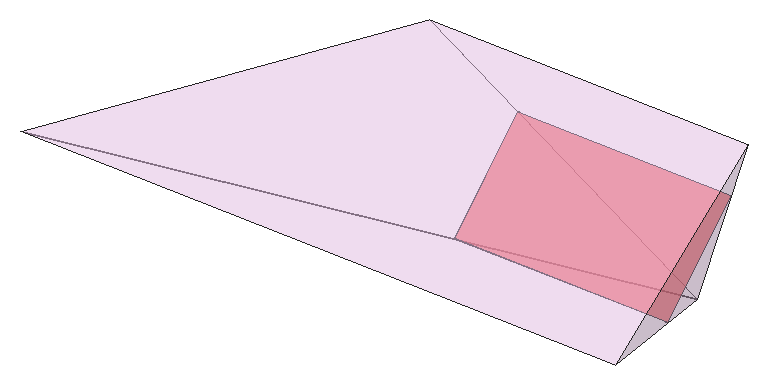
Revit family "Camera-Security-Panasonic-Dome-Network-SFN130X", category Security Devices, host Face, Revit 2013
Parameters (values of type "Camera-Security-Panasonic-ViewVolumePTYZ")
  z Yaw Actual [instance] = if(Yaw < 0.00°, 360.00° - (abs(Yaw) - rounddown(abs(Yaw) / 360.00°) * 360.00°), Yaw - rounddown(Yaw / 360.00°) * 360.00°)  # 0.00°
  z Void Width [instance] = if(z Screen Width > z Screen Height, z Screen Width, z Screen Height) + abs(Viewpoint Origin Horizontal Offset) + z Void Thickness * 2  # 32147.005 mm
  z Void Thickness [instance] = z Screen Depth + abs(Base Height Offset)  # 10300 mm
  z Void Height Start [instance] = -z Void Width / 2  # -16073.503 mm
  z Void Height End [instance] = z Void Width / 2  # 16073.503 mm
  z Void Direction [instance] = if((if(On Wall, 1, 0) + if(On Floor, 1, 0) + if(On Ceiling, 1, 0)) = 1, if(On Ceiling, 0, if(On Wall, 1, 2)), On Default Mount Type)  # 0
  z Viewpoint Depth [instance] = if(Viewpoint Depth < 1 mm, 1 mm, Viewpoint Depth)  # 150 mm
  z Tilt Actual [instance] = if(Tilt < 0.00°, 360.00° - (abs(Tilt) - rounddown(abs(Tilt) / 360.00°) * 360.00°), Tilt - rounddown(Tilt / 360.00°) * 360.00°)  # 45.00°
  z Target Visible [instance] = not(Screen Depth < Target Depth)  # yes
  z Target Thickness Start = -z Target Thickness / 2  # -1 mm
  z Target Thickness End = z Target Thickness / 2  # 1 mm
  z Target Depth [instance] = Target Depth + Viewpoint Depth  # 2150 mm
  z Pan Actual [instance] = if(Pan < 0.00°, 360.00° - (abs(Pan) - rounddown(abs(Pan) / 360.00°) * 360.00°), Pan - rounddown(Pan / 360.00°) * 360.00°)  # 0.00°
  z Floor Distance [instance] = if(z Void Direction = 2, if(Floor Distance < 0 mm, 0 mm, Floor Distance), if(Floor Distance < 10 mm, 10 mm, Floor Distance))  # 3000 mm
  z Const Yaw Base2 Length = 440 mm  # constant formula
  z Const Tilt Base2 Length = 500 mm  # constant formula
  z Ceiling Distance [instance] = if(z Void Direction = 2, if(Ceiling Distance < 10 mm, 10 mm, Ceiling Distance), if(Ceiling Distance < 0 mm, 0 mm, Ceiling Distance))  # 0 mm
  z Const Void Handle Length = 600 mm  # constant formula
  z Void Angle [instance] = if(z Void Direction = 0, 0.00° + Base Angle Offset, if(z Void Direction = 1, 90.00° + Base Angle Offset, 180.00° + Base Angle Offset))  # 0.00°
  z Screen Depth [instance] = if(Screen Depth < 100 mm, 100 mm + Viewpoint Depth, Screen Depth + Viewpoint Depth)  # 10150 mm
  Original Creation Date = "September, 15, 2016"  # constant formula
  On Default Mount Type [instance] = 0
  Manufacturer = "Panasonic"  # constant formula
  Family Version = "1.0.0"  # constant formula
  Date Last Modified = "September, 15, 2016"  # constant formula
  Copyright = "Copyright © Panasonic"  # constant formula
  Base Height Offset [instance] = 150 mm
  Base Angle Offset [instance] = 0.00°
  z Viewpoint Width = 1 mm  # constant formula
  z Viewpoint Height = 1 mm  # constant formula
  VFOV [instance] = 33.75°
  z Target Width [instance] = Target Depth * tan(HFOV / 2) * 2  # 2309.401 mm
  z Target Thickness = 2 mm  # constant formula
  z Target Height [instance] = Target Depth * tan(VFOV / 2) * 2  # 1213.387 mm
  Target Depth [instance] = 2000 mm
  z Screen Width [instance] = (z Screen Depth - Viewpoint Depth) * tan(HFOV / 2) * 2  # 11547.005 mm
  z Screen Height [instance] = (z Screen Depth - Viewpoint Depth) * tan(VFOV / 2) * 2  # 6066.934 mm
  Screen Depth [instance] = 10000 mm
  z Const Yaw Handle Length = 235 mm  # constant formula
  z Const Yaw Base Length = 260 mm  # constant formula
  Viewpoint Depth [instance] = 150 mm
  Viewpoint Origin Horizontal Offset [instance] = 0 mm
  z Const Tilt Handle Length = 360 mm  # constant formula
  z Const Tilt Base Length = 250 mm  # constant formula
  z Const Pan Handle Length = 500 mm  # constant formula
  z Const Pan Axis Length = 400 mm  # constant formula
  On Wall [instance] = no
  On Floor [instance] = no
  On Ceiling [instance] = yes
  HFOV [instance] = 60.00°
  Yaw [instance] = 0.00°
  Tilt [instance] = 45.00°
  Pan [instance] = 0.00°
  Floor Distance [instance] = 3000 mm
  Ceiling Distance [instance] = 0 mm
Reference planes
  plane 1 "Center (Front/Back)": y = 0
  plane 2: z = 0
  plane 3 "Center (Left/Right)": x = 0
  plane 4 "VoidOffsetBase": z = -150
Forms (mm)
  Extrusion 1, void
    sketch origin (0, 0, -150) x (0, 0, 1) y (0, -1, 0)
      loop
        line (13300, 16073.503) -> (3000, 16073.503) -> (3000, -16073.503) -> (13300, -16073.503) -> (13300, 16073.503)
      loop
        line (0, 16073.503) -> (-10300, 16073.503) -> (-10300, -16073.503) -> (0, -16073.503) -> (0, 16073.503)
    from -16073.503 <- "z Void Height Start" to 16073.503 <- "z Void Height End"
  Blend 2, solid, material "Panasonic - ViewVolume"
    base sketch origin (0, -106.066, 106.066) x (0, 0.707107, 0.707107) y (-1, 0, 0)
      loop
        line (-0.5, -0.5) -> (0.5, -0.5) -> (0.5, 0.5) -> (-0.5, 0.5) -> (-0.5, -0.5)
    top sketch origin (0, -7177.134, 7177.134) x (0, 0.707107, 0.707107) y (-1, 0, 0)
      loop
        line (-3033.467, -5773.503) -> (3033.467, -5773.503) -> (3033.467, 5773.503) -> (-3033.467, 5773.503) -> (-3033.467, -5773.503)
    from 0 to 0
  Extrusion 3, solid, material "Panasonic - Target", visible <- "z Target Visible"
    sketch origin (0, -1520.28, 1520.28) x (0, 0.707107, 0.707107) y (-1, 0, 0)
      loop
        line (-606.693, -1154.701) -> (606.693, -1154.701) -> (606.693, 1154.701) -> (-606.693, 1154.701) -> (-606.693, -1154.701)
    from -1 <- "z Target Thickness Start" to 1 <- "z Target Thickness End"
Cuts and joins
  Extrusion 1 cuts Blend 2
  Extrusion 1 cuts Extrusion 3
Lines and regions (mm)
  reference lines
    curve 1: line (0, 0, 0) -> (500, 0, 0)
    curve 2: line (0, 0, -400) -> (0, 0, 0)
    curve 3: line (0, 0, 0) -> (0, -250, 0)
    curve 4: line (0, 0, 0) -> (0, 0, 500)
    curve 5: line (0, -254.558, 254.558) -> (0, 0, 0)
    curve 6: line (0, 0, 0) -> (0, 183.848, 183.848)
    curve 7: line (0, 0, 0) -> (-440, 0, 0)
    curve 8: line (0, 0, 0) -> (-235, 0, 0)
    curve 9: line (0, -106.066, 106.066) -> (0, 0, 0)
    curve 10: line (0, 0, 0) -> (0, -1520.28, 1520.28)
    curve 11: line (0, 0, 0) -> (0, -7177.134, 7177.134)
    curve 12: line (-0.5, -105.712, 106.42) -> (0.5, -105.712, 106.42)
    curve 13: line (-0.5, -106.42, 105.712) -> (0.5, -106.42, 105.712)
    curve 14: line (-0.5, -105.712, 106.42) -> (-0.5, -106.42, 105.712)
    curve 15: line (0.5, -105.712, 106.42) -> (0.5, -106.42, 105.712)
    curve 16: line (-1154.701, -1091.283, 1949.277) -> (1154.701, -1091.283, 1949.277)
    curve 17: line (-1154.701, -1949.277, 1091.283) -> (1154.701, -1949.277, 1091.283)
    curve 18: line (-1154.701, -1091.283, 1949.277) -> (-1154.701, -1949.277, 1091.283)
    curve 19: line (1154.701, -1091.283, 1949.277) -> (1154.701, -1949.277, 1091.283)
    curve 20: line (-5773.503, -5032.149, 9322.119) -> (-5773.503, -9322.119, 5032.149)
    curve 21: line (5773.503, -5032.149, 9322.119) -> (5773.503, -9322.119, 5032.149)
    curve 22: line (-5773.503, -5032.149, 9322.119) -> (5773.503, -5032.149, 9322.119)
    curve 23: line (-5773.503, -9322.119, 5032.149) -> (5773.503, -9322.119, 5032.149)
    curve 24: line (0, 0, -150) -> (0, 0, 450)
    curve 25: line (0, -16073.503, 13150) -> (0, 16073.503, 13150)
    curve 26: line (0, -16073.503, 2850) -> (0, -16073.503, 13150)
    curve 27: line (0, 16073.503, 2850) -> (0, -16073.503, 2850)
    curve 28: line (0, 16073.503, 13150) -> (0, 16073.503, 2850)
    curve 29: line (0, -16073.503, -150) -> (0, 16073.503, -150)
    curve 30: line (0, -16073.503, -10450) -> (0, -16073.503, -150)
    curve 31: line (0, 16073.503, -10450) -> (0, -16073.503, -10450)
    curve 32: line (0, 16073.503, -150) -> (0, 16073.503, -10450)
Dimensions and locks
  "z Const Pan Handle Length": curve 1 to curve 1
  "z Const Pan Axis Length": curve 2 to curve 2
  "z Const Tilt Base Length": curve 3 to curve 3
  "z Const Pan Axis Length": curve 1 to curve 2
  "Viewpoint Origin Horizontal Offset": curve 4 to curve 2
  "z Const Tilt Base2 Length": curve 4 to curve 4
  "z Const Tilt Handle Length": curve 5 to curve 5
  "z Const Yaw Base Length": curve 6 to curve 6
  "z Const Yaw Base2 Length": curve 7 to curve 7
  "z Const Yaw Handle Length": curve 8 to curve 8
  "z Viewpoint Depth": curve 9 to curve 9
  "z Target Depth": curve 10 to curve 10
  "z Screen Depth": curve 11 to curve 11
  equal spacing: curve 13, curve 9, curve 12
  "z Viewpoint Height": curve 13 to curve 12
  equal spacing: curve 14, curve 9, curve 15
  "z Viewpoint Width": curve 14 to curve 15
  equal spacing: curve 17, curve 10, curve 16
  "z Target Height": curve 17 to curve 16
  equal spacing: curve 18, curve 10, curve 19
  "z Target Width": curve 18 to curve 19
  equal spacing: curve 20, curve 11, curve 21
  "z Screen Width": curve 20 to curve 21
  equal spacing: curve 23, curve 11, curve 22
  "z Screen Height": curve 23 to curve 22
  "z Const Void Handle Length": curve 24 to curve 24
  equal spacing: curve 26, curve 24, curve 28
  "z Void Width": curve 26 to curve 28
  "z Floor Distance": curve 27 to curve 24
  "z Ceiling Distance": curve 29 to curve 24
  "z Void Thickness": curve 31 to curve 29
  "z Void Thickness": curve 25 to curve 27
  "Base Height Offset": level to plane 4 "VoidOffsetBase"
  locked: curve 3 to curve 2 (angle 90.00°)
  locked: curve 3 to curve 4 (angle 90.00°)
  "z Tilt Actual": angle curve 4 to curve 5
  locked: curve 6 to curve 7 (angle 90.00°)
  locked: curve 6 to curve 5 (angle 90.00°)
  locked: curve 9 to curve 5 (angle 0.00°)
  locked: curve 10 to curve 5 (angle 0.00°)
  locked: curve 11 to curve 5 (angle 0.00°)
  "z Void Angle": angle plane 1 "Center (Front/Back)" to curve 24
  "z Yaw Actual": angle curve 7 to curve 8
  "z Pan Actual": angle plane 1 "Center (Front/Back)" to curve 1
  aligned and locked: level to plane 2
  aligned and locked: curve 2 to curve 1
  aligned and locked: curve 2 to curve 3
  aligned and locked: curve 3 to curve 2
  aligned and locked: curve 3 to curve 5
  aligned and locked: curve 6 to curve 7
  aligned and locked: curve 6 to curve 8
  aligned and locked: curve 8 to curve 7
  aligned and locked: curve 7 to curve 6
  aligned and locked: curve 5 to curve 11
  aligned and locked: curve 11 to curve 8
  aligned and locked: curve 12 to curve 15
  aligned and locked: curve 15 to curve 15
  aligned and locked: curve 14 to curve 14
  aligned and locked: curve 13 to curve 15
  aligned and locked: curve 16 to curve 19
  aligned and locked: curve 18 to curve 18
  aligned and locked: curve 17 to curve 19
  aligned and locked: curve 22 to curve 22
  aligned and locked: curve 21 to curve 23
  aligned and locked: curve 20 to curve 23
  aligned and locked: curve 23 to curve 23
  aligned and locked: plane 1 "Center (Front/Back)" to curve 24
  aligned and locked: curve 30 to curve 26
  aligned and locked: curve 28 to curve 32
  aligned and locked: Extrusion 1 sketch curve to curve 25
  aligned and locked: Extrusion 1 sketch curve to curve 26
  aligned and locked: Extrusion 1 sketch curve to curve 27
  aligned and locked: Extrusion 1 sketch curve to curve 28
  aligned and locked: Extrusion 1 sketch curve to curve 29
  aligned and locked: Extrusion 1 sketch curve to curve 30
  aligned and locked: Extrusion 1 sketch curve to curve 31
  aligned and locked: Extrusion 1 sketch curve to curve 32
  aligned and locked: Extrusion 1 sketch curve to Extrusion 1 sketch curve  (x8)
  aligned and locked: Blend 2 sketch curve to curve 15
  aligned and locked: Blend 2 sketch curve to curve 13
  aligned and locked: Blend 2 sketch curve to curve 14
  aligned and locked: Blend 2 sketch curve to curve 12
  aligned and locked: Blend 2 sketch curve to Blend 2 sketch curve  (x8)
  aligned and locked: Blend 2 sketch curve to curve 21
  aligned and locked: Blend 2 sketch curve to curve 23
  aligned and locked: Blend 2 sketch curve to curve 20
  aligned and locked: Blend 2 sketch curve to curve 22
  aligned and locked: Extrusion 3 sketch curve to curve 19
  aligned and locked: Extrusion 3 sketch curve to curve 17
  aligned and locked: Extrusion 3 sketch curve to curve 18
  aligned and locked: Extrusion 3 sketch curve to curve 16
  aligned and locked: Extrusion 3 sketch curve to Extrusion 3 sketch curve  (x4)
  aligned and locked: plane 3 "Center (Left/Right)" to curve 1
  aligned and locked: plane 1 "Center (Front/Back)" to curve 1
  aligned and locked: level to curve 2
  aligned and locked: plane 4 "VoidOffsetBase" to curve 24
Automatic sketch dimensions
  curve 6 to curve 5 = 0 mm
  curve 6 to curve 5 = 260 mm
Types in the file's own list only (2): name | z VV Viewpoint Depth Min | z VV Viewpoint Depth Max | z Dome Material | z Const Yaw Handle Length | z Const Yaw Base2 Length | z Const Yaw Base Length | z Const Tilt Handle Length | z Const Tilt Base2 Length | z Const Tilt Base Length | z Const Pan Handle Length | z Camera Resolution Type | z Base Radius | Wide Dynamic Range | Weight | Vandal Resistant | VFOV Min 43 | VFOV Min 169 | VFOV Max 43 | VFOV Max 169 | URL | Tilting Range | Storage Temperature | Regulatory Compliance | Rated Current | Provide Feedback | Product Page URL | Product Material | Product Documentation Link | Power Active | PoE | Part Number | Part Description | Panning Range | Original Creation Date | Operational Temperature | Operational Humidity | Mounting Positions | Model Disclaimer | Model | Minimum Illumination | Lens Mount | Indoor Or Outdoor | IP Or Analog | Height | Has POE | HFOV Min 43 | HFOV Min 169 | HFOV Max 43 | HFOV Max 169 | Equipment Abbreviation | Dome Part Number | Diameter | Description | Default Elevation | Day Or Night | Date Last Modified | Communication Ports | Audio Out | Audio In | Angle Of View | Alarm Input Or Output Specification
  Super Dynamic FullHD, Dome, Network, WV-SFN130 | 0.797 " | 0.797 " | Acrylic Resin - Panasonic - Clear | 9.252 " | 17.323 " | 10.236 " | 9.843 " | 19.685 " | 9.843 " | 27.559 " | 1 | 2.047 " | Yes | 0.57 lb | No | 66.00° | 60.00° | 66.00° | 60.00° | "http://security.panasonic.com/pss/security/" | "-20 to +90" | "32°F - 104°F" | "UL (UL60950-1), C-UL (CAN/CSA C22.2 No.60950-1), CE, IEC60950-1, FCC Part15 ClassA, ICES003 ClassA, EN55022 ClassB, EN55024" | 90 mA | "https://www.surveymonkey.com/s/95FL6QY" | "http://security.panasonic.com/products/wv-sfn130/" | ABS Resin - Panasonic - Sail White | "http://ssbu-t.psn-web.net/Products/IP_camera/WV-SFN130_SFN110/Specsheet/WV-SFN130_110-LTR.pdf" | 4.3 W | 48 V | "WV-SFN130" | "Security Camera, Super Dynamic, Full HD, Dome, Network" | "-20 to +20" | "2016/5/31" | "32°F - 104°F" | "90% or less (without condensation)" | "Surface Mount" | "Contact Panasonic for more information" | "WV-SFN130" | 0 lx | "N/A" | "Indoor" | "IP" | 1.850 " | Yes | 89.00° | 108.00° | 89.00° | 108.00° | "SC" | "WV-CW6SA" | 4.094 " | "Security Camera, Super Dynamic, Full HD, Dome, Network" | 0.000 " | "Yes" | "2017/01/30" | "10Base-T / 100Base-TX, RJ-45" | "No" | "No" | "108" | "N/A"
  Super Dynamic HD, Dome, Network, WV-SFN110 | 0.797 " | 0.797 " | Acrylic Resin - Panasonic - Clear | 9.252 " | 17.323 " | 10.236 " | 9.843 " | 19.685 " | 9.843 " | 27.559 " | 2 | 2.047 " | Yes | 0.57 lb | No | 73.00° | 55.00° | 73.00° | 55.00° | "http://security.panasonic.com/pss/security/" | "-20 to +90" | "32°F - 104°F" | "UL (UL60950-1), C-UL (CAN/CSA C22.2 No.60950-1), CE, IEC60950-1, FCC Part15 ClassA, ICES003 ClassA, EN55022 ClassB, EN55024" | 90 mA | "https://www.surveymonkey.com/s/95FL6QY" | "http://security.panasonic.com/products/wv-sfn110/" | ABS Resin - Panasonic - Sail White | "http://ssbu-t.psn-web.net/Products/IP_camera/WV-SFN130_SFN110/Specsheet/WV-SFN130_110-LTR.pdf" | 4.3 W | 48 V | "WV-SFN110" | "Security Camera, Super Dynamic, HD, Dome, Network" | "-20 to +20" | "2016/5/31" | "32°F - 104°F" | "90% or less (without condensation)" | "Surface Mount" | "Contact Panasonic for more information" | "WV-SFN110" | 0 lx | "N/A" | "Indoor" | "IP" | 1.850 " | Yes | 100.00° | 100.00° | 100.00° | 100.00° | "SC" | "WV-CW6SA" | 4.094 " | "Security Camera, Super Dynamic, HD, Dome, Network" | 0.000 " | "Yes" | "2017/01/30" | "10Base-T / 100Base-TX, RJ-45" | "No" | "No" | "100" | "N/A"
